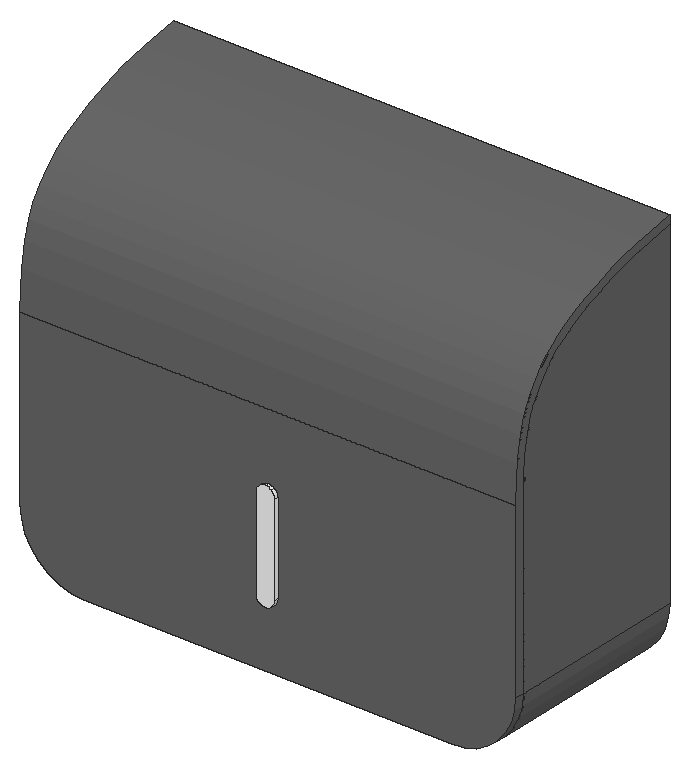
Revit family "Plaza Ultraslim Paper Towel Dispenser -Black_AUS", category Generic Models, Revit 2017
Family settings
  Can host rebar = No
  Round Connector Dimension = Use Diameter
  Part Type = Normal
  Work Plane-Based = No
  Always vertical = Yes
  Cut with Voids When Loaded = No
  Shared = No
  Room Calculation Point = No
Parameters
  Website = "https://www.dolphy.com.au/"  # constant formula
  Contact number = "03 8787 8906"  # constant formula
  Contact email = "sales@dolphy.com.au"  # constant formula
  Company name = "Dolphy Australia"  # constant formula
Reference planes
  plane 1 "Center (Front/Back)": y = 0
  plane 2: z = 0
  plane 3 "Center (Left/Right)": x = 0
Forms (mm)
  Extrusion 1, solid, material "WHITE1"
    sketch origin (0, 0, -70) x (1, 0, 0) y (0, 0, 1)
      loop
        line (-5, 157.46) -> (-5, 107.46)
        arc (-5, 107.46) -> (0, 102.46) -> (5, 107.46) r 5
        line (5, 107.46) -> (5, 157.46)
        arc (5, 157.46) -> (0, 162.46) -> (-5, 157.46) r 5
    from 105 to 106.757
  Extrusion 2, solid, material "BLACK1"
    sketch origin (-125, 0, -198.076) x (0, 1, 0) y (0, 0, 1)
      loop
        line (-100, 327.415) -> (-100, 198.076) -> (0, 198.076) -> (0, 419.278)
        spline (0, 419.278) -> (-22.044, 414.862) -> (-37.667, 410.638) -> (-50.079, 406.197) -> (-60.82, 401.428) -> (-69.993, 396.486) -> (-77.596, 391.388) -> (-83.907, 385.627) -> (-89.282, 378.706) -> (-93.46, 371.189) -> (-96.466, 362.489) -> (-98.878, 349.518) -> (-100, 327.415)
    from -11 to 261
  Extrusion 3, solid, material "BLACK1"
    sketch origin (-125, 0, -198.076) x (0, 1, 0) y (0, 0, 1)
      loop
        spline (0, 424.275) -> (-22.439, 419.866) -> (-38.529, 415.578) -> (-51.381, 411.034) -> (-62.536, 406.129) -> (-72.127, 401.007) -> (-80.287, 395.576) -> (-87.277, 389.238) -> (-93.204, 381.671) -> (-97.804, 373.458) -> (-101.147, 363.91) -> (-103.752, 350.233) -> (-105, 327.415)
        line (-105, 327.415) -> (-105, 198.076) -> (-100, 198.076) -> (-100, 327.415)
        spline (-100, 327.415) -> (-98.878, 349.518) -> (-96.466, 362.489) -> (-93.46, 371.189) -> (-89.282, 378.706) -> (-83.907, 385.627) -> (-77.596, 391.388) -> (-69.993, 396.486) -> (-60.82, 401.428) -> (-50.079, 406.197) -> (-37.667, 410.638) -> (-22.044, 414.862) -> (0, 419.278)
        line (0, 419.278) -> (0, 424.275)
    from -11 to 261
  Extrusion 4, void
    sketch origin (0, 0, 0) x (1, 0, 0) y (0, 0, 1)
      loop
        line (-136, 35.076) -> (-150.924, 35.076) -> (-150.924, -15) -> (-100.924, -15) -> (-100.924, 0)
        arc (-100.924, 0) -> (-125.726, 10.274) -> (-136, 35.076) r 35.076
    from -40.125 to 250
  Extrusion 5, void
    sketch origin (0, 0, 0) x (-1, 0, 0) y (0, 0, -1)
      loop
        arc (-136, -35.076) -> (-125.726, -10.274) -> (-100.924, 0) r 35.076
        line (-100.924, 0) -> (-100.924, 15) -> (-150.924, 15) -> (-150.924, -35.076) -> (-136, -35.076)
    from -40.125 to 250
Cuts and joins
  Extrusion 4, Extrusion 5 cuts Extrusion 2
  Extrusion 4, Extrusion 5 cuts Extrusion 3
Dimensions and locks
  aligned and locked: level to plane 2
